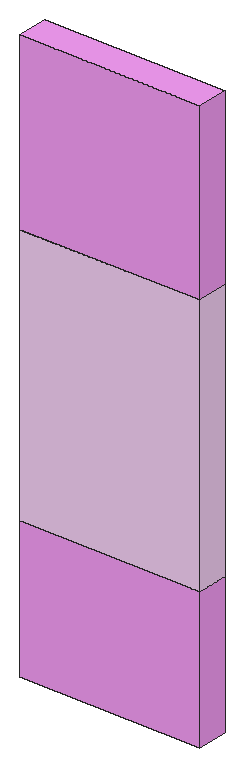
Revit family "EXP_WT-1D_CPan-003", category Curtain Panels, Revit 2021
Family settings
  OmniClass Number = 23.25.20.14.11.11.17
  OmniClass Title = Infill Panels
  Always vertical = Yes
  Cut with Voids When Loaded = No
  Shared = No
Parameters (values of type "H2 = 7'  3"")
  UI-UnitNumber [instance] = "001"
  UI-Quadrant [instance] = "SE"
  UI-ProjectAbbreviation = "NEU"
  UI-ItemCategory = "PID"
  UI-FloorNumber [instance] = "03"
  PNT-WallType = "WT1D"
  PNT-ProjectAbbreviation = "NEU"
  PNT-PanelType [instance] = "01"
  PNT-ItemCategory = "PNL"
  GlassH3 [instance] = IG-3F(Glass)
  GlassH2 [instance] = IG-1F(Glass)
  GlassH1 [instance] = IG-3F(Glass)
  Define Thermal Properties by = Schematic Type
  CellSp = 0' - 10 3/16"
  CellL [instance] = 5' - 0"
  CellH3 [instance] = CellH - (CellH1 + CellH2)  # 3' - 10 1/2"
  CellH2 = 7' - 3"
  CellH1 = 4' - 10"
  CellH [instance] = 15' - 11 1/2"
  Analytic Construction = "<None>"
Reference planes (in)
  plane 1 "Center (Front/Back)": y = 0
  plane 2: z = 0
  plane 3 "Center (Left/Right)": x = 0
  plane 4 "Left": x = -30
  plane 5 "Right": x = 30
  plane 6 "Top": z = 191.5
  plane 7: z = 133.5
  plane 8: y = -10.1875
  plane 9: z = 46.5
Forms (in)
  Extrusion 1, solid, material "IG-1F(Glass)" <- "GlassH2"
    sketch origin (0, 0, 0) x (0, 1, 0) y (0, 0, 1)
      loop
        line (-10.1875, 133.5) -> (-10.1875, 46.5) -> (0, 46.5) -> (0, 133.5) -> (-10.1875, 133.5)
    from -30 to 30
  Extrusion 2, solid, material "IG-3F(Glass)" <- "GlassH1"
    sketch origin (0, 0, 0) x (0, 1, 0) y (0, 0, 1)
      loop
        line (-10.1875, 191.5) -> (-10.1875, 133.5) -> (0, 133.5) -> (0, 191.5) -> (-10.1875, 191.5)
    from -30 to 30
  Extrusion 3, solid, material "IG-3F(Glass)" <- "GlassH3"
    sketch origin (0, 0, 0) x (0, 1, 0) y (0, 0, 1)
      loop
        line (0, 46.5) -> (-10.1875, 46.5) -> (-10.1875, 0) -> (0, 0) -> (0, 46.5)
    from -30 to 30
Text (in)
  text "Exterior" at (-92.59733, 55.75508, 0), in view "Ref. Level"
  text "Exterior" at (0, 90.18664, 173.49264), in view "Left"
  text "Exterior" at (0, 52.29083, 162.21847), in view "Right"
Dimensions and locks (in)
  equal spacing: plane 4 "Left", plane 3 "Center (Left/Right)", plane 5 "Right"  (x2)
  Extrusion 2 sketch curve to Extrusion 2 sketch curve = 0' - 10 3/16"
  "CellH1": plane 7 to plane 6 "Top"
  "CellH2": plane 9 to plane 7
  "CellH": plane 2 to plane 6 "Top"
  "CellSp": plane 8 to plane 1 "Center (Front/Back)"
  "CellL": plane 4 "Left" to plane 5 "Right"
  aligned and locked: Extrusion 1 sketch curve to plane 7
  aligned and locked: plane 8 to Extrusion 1 sketch curve
  aligned and locked: plane 1 "Center (Front/Back)" to Extrusion 1 sketch curve
  aligned and locked: plane 4 "Left" to Extrusion 1
  aligned and locked: Extrusion 1 to plane 5 "Right"
  aligned and locked: plane 6 "Top" to Extrusion 2 sketch curve
  aligned and locked: plane 8 to Extrusion 2 sketch curve
  aligned and locked: Extrusion 2 sketch curve to Extrusion 1
  aligned and locked: Extrusion 2 to plane 5 "Right"
  aligned and locked: plane 4 "Left" to Extrusion 2
  aligned and locked: level to plane 2
  aligned and locked: Extrusion 1 sketch curve to plane 9
  aligned and locked: Extrusion 3 sketch curve to Extrusion 1  (x2)
  aligned and locked: Extrusion 3 sketch curve to level
  aligned and locked: Extrusion 3 sketch curve to plane 8
  aligned and locked: Extrusion 3 to plane 5 "Right"
  aligned and locked: plane 4 "Left" to Extrusion 3
  aligned and locked: Extrusion 2 to plane 1 "Center (Front/Back)"
  aligned and locked: nested 1 to Extrusion 1
  aligned and locked: nested 1 to plane 4 "Left"
  aligned and locked: nested 1 to plane 5 "Right"
  aligned and locked: plane 6 "Top" to nested 2
  aligned and locked: nested 2 to level
  aligned and locked: plane 1 "Center (Front/Back)" to nested 3
  aligned and locked: plane 5 "Right" to nested 3
  aligned and locked: plane 4 "Left" to nested 3
  aligned and locked: Extrusion 3 to plane 2
  aligned and locked: Extrusion 2 to plane 6 "Top"
Nested families (in)
  nested 1: "EXP_WT-1A_DetO-001" at (-30, 0, 0), type "EXP_WT-1A_DetO-001"
    with built-in parameter 1001306 5 (stored number, unit not read)
  nested 2: "EXP_WT-1A_DetO-004" at (0, 0, 191.5) x (0, 0, -1) z (1, 0, 0), CellH1 <- "CellH1", CellH2 <- "CellH2", type "EXP_WT-1A_DetO-004"
    with built-in parameter 1001306 15.958 (stored number, unit not read), CellH2 7' - 3", CellH1 4' - 10"
  nested 3: "EXP_xx_DetO-002" at (0, 0, -0.75132), CellH <- "CellH", CellL <- "CellL", type "EXP_xx_DetO-002", detail levels coarse
    with CellL 5' - 0", CellH 15' - 11 1/2"
Definition of nested family "EXP_WT-1A_DetO-001"
  Parameters (values of type "EXP_WT-1A_DetO-001")
    built-in parameter 1001306 [instance] = 5' - 2.99213"
  Reference planes (in)
    plane 1 "Center (Front/Back)": y = 0
    plane 2: z = 0
    plane 3 "Left": x = 0
    plane 4 "Right": x = 62.99213
  Lines and regions (in)
    reference lines, in view "Ref. Level"
      curve 1: line (0, 0, 0) -> (62.99213, 0, 0)
    detail lines, in view "Ref. Level"
      curve 2: line (0.25, 0, 0) -> (0.5458, 0, 0)
      curve 3: line (0.25, 0, 0) -> (0.5458, 0, 0)
      curve 4: line (62.99213, -0.81795, 0) -> (62.99213, -10.1875, 0)
      curve 5: line (62.99213, -10.1875, 0) -> (60.99213, -10.1875, 0)
      curve 6: line (60.99213, -10.1875, 0) -> (60.99213, -2.43678, 0)
      curve 7: line (60.99213, -2.43678, 0) -> (62.44632, -2.43678, 0)
      curve 8: line (62.44632, -2.43678, 0) -> (62.44632, 0, 0)
      curve 9: line (62.44632, 0, 0) -> (62.74213, 0, 0)
      curve 10: line (62.74213, 0, 0) -> (62.74213, -0.81795, 0)
      curve 11: line (62.99213, -0.81795, 0) -> (62.74213, -0.81795, 0)
      curve 12: line (0.25, 0, 0) -> (0.25, -0.81795, 0)
      curve 13: line (0.25, 0, 0) -> (0.5458, 0, 0)
      curve 14: line (0, -0.81795, 0) -> (0.25, -0.81795, 0)
      curve 15: line (0, -0.81795, 0) -> (0, -10.1875, 0)
      curve 16: line (2, -10.1875, 0) -> (0, -10.1875, 0)
      curve 17: line (2, -2.43676, 0) -> (2, -10.1875, 0)
      curve 18: line (0.5458, -2.43676, 0) -> (2, -2.43676, 0)
      curve 19: line (0.5458, -2.43676, 0) -> (0.5458, 0, 0)
      curve 20: line (0.94241, 0, 0) -> (62.04971, 0, 0)
      curve 21: line (0.94241, -1.31, 0) -> (0.94241, 0, 0)
      curve 22: line (0.94241, -1.31, 0) -> (62.04971, -1.31, 0)
      curve 23: line (62.04971, -1.31, 0) -> (62.04971, 0, 0)
  Dimensions and locks (in)
    "built-in parameter 1001306": plane 3 "Left" to plane 4 "Right"
    aligned and locked: plane 1 "Center (Front/Back)" to curve 1
    aligned and locked: plane 3 "Left" to curve 1
    aligned and locked: plane 4 "Right" to curve 1
    aligned and locked: curve 4 to plane 4 "Right"
    aligned and locked: curve 1 to curve 13
    aligned and locked: curve 15 to plane 3 "Left"
    aligned and locked: curve 1 to curve 20
    aligned and locked: curve 5 to curve 16
  Automatic sketch dimensions
    plane 1 "Center (Front/Back)" to curve 9 = 0' - 0"
    curve 2 to curve 2 = 0' - 0.2958"
    curve 7 to plane 4 "Right" = 0' - 2"
    curve 9 to plane 4 "Right" = 0' - 0.5458"
    curve 10 to curve 4 = 0' - 0 1/4"
    plane 1 "Center (Front/Back)" to curve 4 = 0' - 0.81795"
    curve 7 to curve 10 = 0' - 1.61883"
    curve 5 to curve 7 = 0' - 7.75072"
    plane 1 "Center (Front/Back)" to curve 15 = 0' - 0.81795"
    plane 3 "Left" to curve 16 = 0' - 2"
    curve 17 to curve 12 = 0' - 1.61881"
    plane 3 "Left" to curve 20 = 0' - 0.94241"
    curve 23 to curve 10 = 0' - 0.69242"
    curve 23 to curve 10 = 0' - 0.49205"
    plane 3 "Left" to curve 14 = 0' - 0 1/4"
Definition of nested family "EXP_WT-1A_DetO-004"
  Parameters (values of type "EXP_WT-1A_DetO-004")
    built-in parameter 1001306 [instance] = 12' - 11"
    CellH2 [instance] = 5' - 8"
    CellH1 [instance] = 3' - 3"
    CellH [instance] = 12' - 11"
  Reference planes (in)
    plane 1 "Center (Front/Back)": y = 0
    plane 2: z = 0
    plane 3 "Left": x = 0
    plane 4 "Right": x = 155
    plane 5: x = 39
    plane 6: x = 107
  Lines and regions (in)
    reference lines, in view "Ref. Level"
      curve 1: line (0, 0, 0) -> (155, 0, 0)
    detail lines, in view "Ref. Level"
      curve 2: line (37.25001, -10.125, 0) -> (37.25001, -2.41263, 0)
      curve 3: line (37.25001, -2.41263, 0) -> (40.74999, -2.41263, 0)
      curve 4: line (40.74999, -2.41263, 0) -> (40.74999, -10.125, 0)
      curve 5: line (40.74999, -10.125, 0) -> (37.25001, -10.125, 0)
      curve 6: line (39.27639, -2.185, 0) -> (39.27639, 0, 0)
      curve 7: line (39.27639, 0, 0) -> (106.72361, 0, 0)
      curve 8: line (106.72361, -2.185, 0) -> (39.27639, -2.185, 0)
      curve 9: line (38.52639, -1.31, 0) -> (38.52639, 0, 0)
      curve 10: line (38.52639, 0, 0) -> (1.19241, 0, 0)
      curve 11: line (38.52639, -1.31, 0) -> (1.19241, -1.31, 0)
      curve 12: line (0, -10.125, 0) -> (2.125, -10.125, 0)
      curve 13: line (0, -0.81812, 0) -> (0, -10.125, 0)
      curve 14: line (0.5, 0, 0) -> (0.5, -0.81812, 0)
      curve 15: line (0.5, 0, 0) -> (0.7958, 0, 0)
      curve 16: line (0, -0.81812, 0) -> (0.5, -0.81812, 0)
      curve 17: line (0.7958, -2.43676, 0) -> (0.7958, 0, 0)
      curve 18: line (2.125, -2.43676, 0) -> (0.7958, -2.43676, 0)
      curve 19: line (2.125, -10.125, 0) -> (2.125, -2.43676, 0)
      curve 20: line (1.19241, -1.31, 0) -> (1.19241, 0, 0)
      curve 21: line (155, 60, 0) -> (155, -10.125, 0)
      curve 22: line (155, -10.125, 0) -> (151.625, -10.125, 0)
      curve 23: line (151.625, -10.125, 0) -> (151.625, -2.43679, 0)
      curve 24: line (151.625, -2.43679, 0) -> (154.2042, -2.43679, 0)
      curve 25: line (154.2042, -2.43679, 0) -> (154.2042, 0, 0)
      curve 26: line (154.5, 0, 0) -> (154.5, -0.81812, 0)
      curve 27: line (154.2042, 0, 0) -> (154.5, 0, 0)
      curve 28: line (155, -0.81812, 0) -> (154.5, -0.81812, 0)
      curve 29: line (155, -0.81812, 0) -> (155, -10.125, 0)
      curve 30: line (153.80789, -1.31, 0) -> (153.80789, 0, 0)
      curve 31: line (105.25001, -10.125, 0) -> (108.74999, -10.125, 0)
      curve 32: line (105.25001, -2.41263, 0) -> (105.25001, -10.125, 0)
      curve 33: line (108.74999, -10.125, 0) -> (108.74999, -2.41263, 0)
      curve 34: line (108.74999, -2.41263, 0) -> (105.25001, -2.41263, 0)
      curve 35: line (106.72361, -2.185, 0) -> (106.72361, 0, 0)
      curve 36: line (107.47361, -1.31, 0) -> (153.80789, -1.31, 0)
      curve 37: line (107.47361, -1.31, 0) -> (107.47361, 0, 0)
      curve 38: line (153.80789, 0, 0) -> (107.47361, 0, 0)
  Dimensions and locks (in)
    "built-in parameter 1001306": plane 3 "Left" to plane 4 "Right"
    "CellH": plane 3 "Left" to plane 4 "Right"
    "CellH1": plane 3 "Left" to plane 5
    "CellH2": plane 5 to plane 6
    aligned and locked: plane 1 "Center (Front/Back)" to curve 1
    aligned and locked: plane 3 "Left" to curve 1
    aligned and locked: plane 4 "Right" to curve 1
    aligned and locked: curve 1 to curve 7
    aligned and locked: curve 10 to plane 1 "Center (Front/Back)"
    aligned and locked: curve 13 to plane 3 "Left"
    aligned and locked: curve 1 to curve 15
    aligned and locked: curve 21 to plane 4 "Right"
    aligned and locked: curve 29 to plane 4 "Right"
    aligned and locked: curve 38 to curve 7
    aligned and locked: curve 5 to curve 12
    aligned and locked: curve 5 to curve 31
    aligned and locked: curve 22 to curve 31
  Automatic sketch dimensions
    plane 5 to curve 3 = 0' - 1 3/4"
    plane 1 "Center (Front/Back)" to curve 3 = 0' - 2.41263"
    curve 5 to plane 5 = 0' - 1 3/4"
    plane 5 to curve 6 = 0' - 0.27639"
    curve 6 to curve 6 = 0' - 2.185"
    curve 9 to plane 5 = 0' - 0.47361"
    plane 1 "Center (Front/Back)" to curve 12 = 0' - 10 1/8"
    plane 1 "Center (Front/Back)" to curve 13 = 0' - 0.81812"
    plane 3 "Left" to curve 14 = 0' - 0 1/2"
    curve 14 to curve 17 = 0' - 0.2958"
    curve 17 to curve 18 = 0' - 1.3292"
    curve 18 to curve 14 = 0' - 1.61864"
    curve 14 to curve 20 = 0' - 0.69242"
    curve 20 to curve 14 = 0' - 0.49188"
    curve 21 to plane 1 "Center (Front/Back)" = 5' - 0"
    curve 24 to curve 24 = 0' - 2.5792"
    plane 1 "Center (Front/Back)" to curve 27 = 0' - 0"
    curve 25 to curve 26 = 0' - 0.2958"
    curve 28 to curve 28 = 0' - 0 1/2"
    curve 30 to curve 24 = 0' - 0.39631"
    curve 24 to curve 30 = 0' - 1.12679"
    plane 1 "Center (Front/Back)" to curve 26 = 0' - 0.81812"
    curve 32 to plane 6 = 0' - 1 3/4"
    plane 6 to curve 31 = 0' - 1 3/4"
    plane 1 "Center (Front/Back)" to curve 33 = 0' - 2.41263"
    curve 35 to plane 6 = 0' - 0.27639"
    curve 36 to curve 37 = 0' - 1.31"
    plane 6 to curve 38 = 0' - 0.47361"
Definition of nested family "EXP_xx_DetO-002"
  Parameters (values of type "EXP_xx_DetO-002")
    Default Elevation = 0' - 0"
    CellL [instance] = 5' - 4.56693"
    CellH [instance] = 5' - 2.99213"
  Reference planes (in)
    plane 1 "Center (Front/Back)": y = 0
    plane 2: z = 0
    plane 3 "Center (Left/Right)": x = 0
    plane 4: x = -32.28346
    plane 5: x = 32.28346
    plane 6: z = 62.99213
  Lines and regions (in)
    model lines
      curve 1: line (-32.28346, 0, 62.99213) -> (32.28346, 0, 0)
      curve 2: line (32.28346, 0, 62.99213) -> (-32.28346, 0, 0)
  Dimensions and locks (in)
    "CellH": plane 6 to level
    equal spacing: plane 4, plane 3 "Center (Left/Right)", plane 5
    "CellL": plane 4 to plane 5
    aligned and locked: level to plane 2
  Automatic sketch dimensions
    curve 2 to level = 0' - 0"
    plane 4 to curve 2 = 0' - 0"
    plane 4 to curve 1 = 0' - 0"
    plane 5 to curve 2 = 0' - 0"
    curve 1 to level = 0' - 0"
    plane 5 to curve 1 = 0' - 0"
    curve 2 to plane 6 = 0' - 0"
    curve 1 to plane 6 = 0' - 0"
